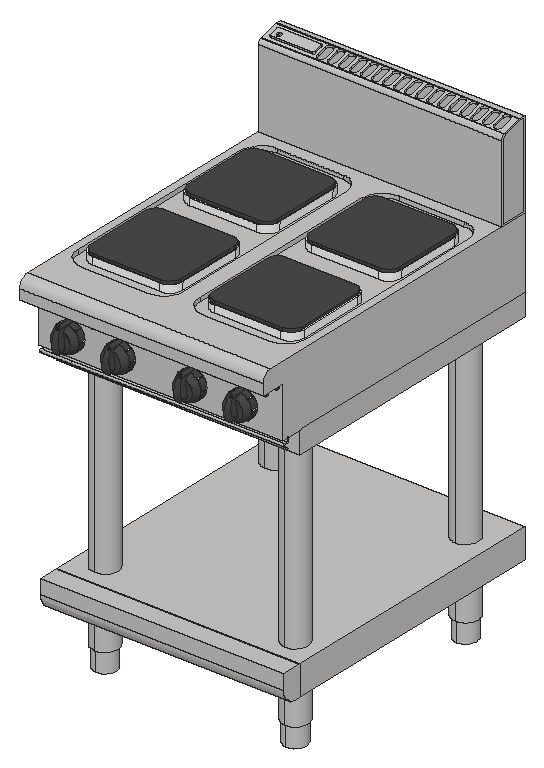
Revit family "QF_Moffat_RN8400SE-LS_Electric_Cooktops_Sealed_Hobs_cat", category Specialty Equipment, Revit 2019 (continued)
Definition of nested family "High and Low Option"
  Definition of nested family "QF_LOGO_Waldorf1"
    Forms (mm)
      Extrusion 1, solid
        sketch origin (0, -12.9, 9.899) x (1, 0, 0) y (0, 0.965926, 0.258819)
          loop
            line (109, 3.464) -> (109, 23.247)
            spline (109, 23.247) -> (108.966, 23.699) -> (108.864, 24.143) -> (108.696, 24.572) -> (108.464, 24.979) -> (108.173, 25.355) -> (107.828, 25.696) -> (107.435, 25.995) -> (107, 26.247) -> (106.531, 26.447) -> (106.035, 26.593) -> (105.522, 26.681) -> (105, 26.711)
            line (105, 26.711) -> (4, 26.711)
            spline (4, 26.711) -> (3.478, 26.681) -> (2.965, 26.593) -> (2.469, 26.447) -> (2, 26.247) -> (1.565, 25.995) -> (1.172, 25.696) -> (0.827, 25.355) -> (0.536, 24.979) -> (0.304, 24.572) -> (0.136, 24.143) -> (0.034, 23.699) -> (0, 23.247)
            line (0, 23.247) -> (0, 3.464)
            spline (0, 3.464) -> (0.034, 3.012) -> (0.136, 2.568) -> (0.304, 2.138) -> (0.536, 1.732) -> (0.827, 1.355) -> (1.172, 1.015) -> (1.565, 0.716) -> (2, 0.464) -> (2.469, 0.264) -> (2.965, 0.118) -> (3.478, 0.03) -> (4, 0)
            line (4, 0) -> (105, 0)
            spline (105, 0) -> (105.522, 0.03) -> (106.035, 0.118) -> (106.531, 0.264) -> (107, 0.464) -> (107.435, 0.716) -> (107.828, 1.015) -> (108.173, 1.355) -> (108.464, 1.732) -> (108.696, 2.138) -> (108.864, 2.568) -> (108.966, 3.012) -> (109, 3.464)
          loop
            line (14.75, 7.005) -> (14.75, 15.654)
            arc (14.75, 15.654) -> (10.425, 11.329) -> (14.75, 7.005) r 4.325
          loop
            line (15.25, 15.654) -> (15.25, 7.005)
            arc (15.25, 7.005) -> (19.575, 11.329) -> (15.25, 15.654) r 4.325
        from 0 to 3.2
      Extrusion 2, solid
        sketch origin (0, -12.9, 9.899) x (1, 0, 0) y (0, 0.965926, 0.258819)
          loop
            line (15.25, 15.654) -> (15.25, 7.005)
            arc (15.25, 7.005) -> (19.575, 11.329) -> (15.25, 15.654) r 4.325
        from 0 to 3.2
      Extrusion 3, solid
        sketch origin (16.271, -12.9, 9.899) x (-1, 0, 0) y (0, -0.965926, -0.258819)
          loop
            arc (1.521, -15.654) -> (5.846, -11.329) -> (1.521, -7.005) r 4.325
            line (1.521, -7.005) -> (1.521, -15.654)
        from 0 to 3.2
    Lines and regions (mm)
      Split face 1
        outline origin (0, -13.729, 12.99) x (1, 0, 0) y (0, 0.965926, 0.258819)
          loop
            spline (22.129, 16.975) -> (22.389, 15.984) -> (22.649, 15.002) -> (22.91, 14.028) -> (23.172, 13.065) -> (23.433, 12.11) -> (23.695, 11.166) -> (23.956, 10.232) -> (24.218, 9.308) -> (24.479, 8.396) -> (24.74, 7.495) -> (25, 6.605) -> (25.26, 5.728)
            line (25.26, 5.728) -> (29.463, 5.728)
            spline (29.463, 5.728) -> (29.582, 6.252) -> (29.701, 6.78) -> (29.82, 7.313) -> (29.939, 7.85) -> (30.058, 8.391) -> (30.178, 8.936) -> (30.297, 9.485) -> (30.416, 10.038) -> (30.536, 10.594) -> (30.655, 11.155) -> (30.775, 11.719) -> (30.894, 12.287)
            spline (30.894, 12.287) -> (31.018, 11.719) -> (31.142, 11.155) -> (31.266, 10.594) -> (31.39, 10.038) -> (31.514, 9.485) -> (31.638, 8.936) -> (31.762, 8.391) -> (31.885, 7.85) -> (32.009, 7.313) -> (32.133, 6.78) -> (32.256, 6.252) -> (32.379, 5.728)
            line (32.379, 5.728) -> (36.51, 5.728)
            spline (36.51, 5.728) -> (36.766, 6.605) -> (37.023, 7.495) -> (37.28, 8.396) -> (37.538, 9.308) -> (37.795, 10.232) -> (38.053, 11.166) -> (38.311, 12.11) -> (38.569, 13.065) -> (38.826, 14.028) -> (39.083, 15.002) -> (39.34, 15.984) -> (39.597, 16.975)
            line (39.597, 16.975) -> (35.637, 16.975)
            spline (35.637, 16.975) -> (35.523, 16.334) -> (35.41, 15.697) -> (35.296, 15.063) -> (35.182, 14.433) -> (35.068, 13.807) -> (34.954, 13.185) -> (34.84, 12.566) -> (34.726, 11.952) -> (34.612, 11.342) -> (34.497, 10.737) -> (34.383, 10.135) -> (34.269, 9.538)
            spline (34.269, 9.538) -> (34.138, 10.135) -> (34.008, 10.737) -> (33.877, 11.342) -> (33.746, 11.952) -> (33.616, 12.566) -> (33.485, 13.185) -> (33.354, 13.807) -> (33.224, 14.433) -> (33.093, 15.063) -> (32.963, 15.697) -> (32.833, 16.334) -> (32.703, 16.975)
            line (32.703, 16.975) -> (29.247, 16.975)
            spline (29.247, 16.975) -> (29.111, 16.334) -> (28.974, 15.697) -> (28.837, 15.063) -> (28.7, 14.433) -> (28.562, 13.807) -> (28.425, 13.185) -> (28.288, 12.566) -> (28.15, 11.952) -> (28.013, 11.342) -> (27.875, 10.737) -> (27.738, 10.135) -> (27.6, 9.538)
            spline (27.6, 9.538) -> (27.483, 10.135) -> (27.366, 10.737) -> (27.249, 11.342) -> (27.132, 11.952) -> (27.015, 12.566) -> (26.897, 13.185) -> (26.78, 13.807) -> (26.663, 14.433) -> (26.546, 15.063) -> (26.43, 15.697) -> (26.313, 16.334) -> (26.196, 16.975)
            line (26.196, 16.975) -> (22.129, 16.975)
      Split face 2
        outline origin (0, -13.729, 12.99) x (1, 0, 0) y (0, 0.965926, 0.258819)
          loop
            line (51.449, 5.728) -> (51.035, 6.606) -> (51.035, 11.169)
            spline (51.035, 11.169) -> (50.686, 12.42) -> (50.176, 13.224) -> (49.51, 13.708) -> (48.693, 13.995) -> (47.747, 14.152) -> (46.698, 14.207) -> (45.579, 14.186) -> (44.419, 14.114) -> (43.279, 13.929) -> (42.249, 13.481) -> (41.424, 12.614) -> (40.897, 11.169)
            line (40.897, 11.169) -> (44.617, 11.169) -> (44.988, 11.965)
            spline (44.988, 11.965) -> (47.294, 11.682) -> (46.856, 10.932) -> (45.527, 10.609) -> (43.858, 10.439) -> (42.259, 10.123) -> (41.078, 9.417) -> (40.563, 8.246) -> (40.689, 6.989) -> (41.407, 6.052) -> (42.774, 5.536) -> (44.847, 5.497) -> (47.306, 6.602)
            line (47.306, 6.602) -> (47.624, 5.728) -> (51.449, 5.728)
      Split face 3
        outline origin (0, -13.729, 12.99) x (1, 0, 0) y (0, 0.965926, 0.258819)
          loop
            line (47.264, 9.264) -> (44.938, 8.597)
            spline (44.938, 8.597) -> (44.508, 8.228) -> (44.402, 7.9) -> (44.548, 7.626) -> (44.877, 7.42) -> (45.317, 7.295) -> (45.797, 7.265) -> (46.252, 7.342) -> (46.65, 7.525) -> (46.971, 7.813) -> (47.194, 8.201) -> (47.298, 8.685) -> (47.264, 9.264)
      Split face 4
        outline origin (0, -13.729, 12.99) x (1, 0, 0) y (0, 0.965926, 0.258819)
          loop
            line (53.33, 16.975) -> (53.33, 5.728) -> (57.173, 5.728) -> (57.173, 16.975) -> (53.33, 16.975)
      Split face 5
        outline origin (0, -13.729, 12.99) x (1, 0, 0) y (0, 0.965926, 0.258819)
          loop
            line (65.795, 16.975) -> (65.795, 12.976)
            spline (65.795, 12.976) -> (63.839, 14.082) -> (62.087, 14.096) -> (60.633, 13.343) -> (59.574, 12.148) -> (58.99, 10.806) -> (58.867, 9.452) -> (59.156, 8.159) -> (59.81, 7) -> (60.786, 6.056) -> (62.111, 5.514) -> (63.868, 5.634) -> (66.137, 6.679)
            line (66.137, 6.679) -> (66.137, 5.728) -> (69.511, 5.728) -> (69.511, 16.975) -> (65.795, 16.975)
      Split face 6
        outline origin (0, -13.729, 12.99) x (1, 0, 0) y (0, 0.965926, 0.258819)
          loop
            spline (64.273, 7.499) -> (64.754, 7.57) -> (65.202, 7.777) -> (65.587, 8.106) -> (65.882, 8.535) -> (66.067, 9.034) -> (66.131, 9.57) -> (66.067, 10.106) -> (65.882, 10.605) -> (65.587, 11.034) -> (65.202, 11.363) -> (64.754, 11.57) -> (64.273, 11.64)
            spline (64.273, 11.64) -> (63.793, 11.57) -> (63.345, 11.363) -> (62.96, 11.034) -> (62.665, 10.605) -> (62.479, 10.106) -> (62.416, 9.57) -> (62.479, 9.034) -> (62.665, 8.535) -> (62.96, 8.106) -> (63.345, 7.777) -> (63.793, 7.57) -> (64.273, 7.499)
      Split face 7
        outline origin (0, -13.729, 12.99) x (1, 0, 0) y (0, 0.965926, 0.258819)
          loop
            spline (76.449, 5.305) -> (77.855, 5.457) -> (79.166, 5.901) -> (80.291, 6.607) -> (81.155, 7.527) -> (81.698, 8.599) -> (81.883, 9.749) -> (81.698, 10.899) -> (81.155, 11.97) -> (80.291, 12.891) -> (79.166, 13.597) -> (77.855, 14.041) -> (76.449, 14.192)
            spline (76.449, 14.192) -> (75.042, 14.041) -> (73.731, 13.597) -> (72.606, 12.891) -> (71.742, 11.97) -> (71.199, 10.899) -> (71.014, 9.749) -> (71.199, 8.599) -> (71.742, 7.527) -> (72.606, 6.607) -> (73.731, 5.901) -> (75.042, 5.457) -> (76.449, 5.305)
      Split face 8
        outline origin (0, -13.729, 12.99) x (1, 0, 0) y (0, 0.965926, 0.258819)
          loop
            spline (76.449, 7.654) -> (76.841, 7.725) -> (77.206, 7.934) -> (77.52, 8.267) -> (77.76, 8.701) -> (77.912, 9.206) -> (77.963, 9.749) -> (77.912, 10.291) -> (77.76, 10.796) -> (77.52, 11.23) -> (77.206, 11.563) -> (76.841, 11.772) -> (76.449, 11.843)
            spline (76.449, 11.843) -> (76.057, 11.772) -> (75.691, 11.563) -> (75.378, 11.23) -> (75.137, 10.796) -> (74.986, 10.291) -> (74.934, 9.749) -> (74.986, 9.206) -> (75.137, 8.701) -> (75.378, 8.267) -> (75.691, 7.934) -> (76.057, 7.725) -> (76.449, 7.654)
      Split face 9
        outline origin (0, -13.729, 12.99) x (1, 0, 0) y (0, 0.965926, 0.258819)
          loop
            line (86.998, 12.335) -> (86.998, 13.879) -> (83.479, 13.879) -> (83.479, 5.728) -> (87.312, 5.728) -> (87.312, 8.975)
            spline (87.312, 8.975) -> (87.364, 9.356) -> (87.458, 9.686) -> (87.594, 9.968) -> (87.769, 10.204) -> (87.982, 10.398) -> (88.229, 10.55) -> (88.509, 10.666) -> (88.82, 10.746) -> (89.16, 10.794) -> (89.525, 10.812) -> (89.915, 10.803) -> (90.327, 10.77)
            line (90.327, 10.77) -> (90.327, 14.113)
            spline (90.327, 14.113) -> (89.929, 14.127) -> (89.552, 14.111) -> (89.197, 14.066) -> (88.865, 13.991) -> (88.554, 13.887) -> (88.266, 13.754) -> (87.999, 13.591) -> (87.755, 13.399) -> (87.532, 13.177) -> (87.332, 12.926) -> (87.154, 12.645) -> (86.998, 12.335)
      Split face 10
        outline origin (0, -13.729, 12.99) x (1, 0, 0) y (0, 0.965926, 0.258819)
          loop
            line (92.082, 13.879) -> (90.894, 13.879) -> (90.894, 11.972) -> (92.082, 11.972) -> (92.082, 5.728) -> (95.871, 5.728) -> (95.871, 11.972) -> (97.5, 11.972) -> (97.5, 13.879) -> (95.871, 13.879)
            spline (95.871, 13.879) -> (95.843, 14.088) -> (95.845, 14.278) -> (95.877, 14.447) -> (95.939, 14.596) -> (96.03, 14.726) -> (96.151, 14.835) -> (96.301, 14.925) -> (96.482, 14.995) -> (96.692, 15.045) -> (96.931, 15.075) -> (97.201, 15.085) -> (97.5, 15.076)
            line (97.5, 15.076) -> (97.5, 17.266) -> (95.367, 17.266)
            spline (95.367, 17.266) -> (94.982, 17.253) -> (94.58, 17.21) -> (94.174, 17.132) -> (93.774, 17.013) -> (93.39, 16.846) -> (93.034, 16.627) -> (92.717, 16.349) -> (92.448, 16.007) -> (92.24, 15.595) -> (92.102, 15.106) -> (92.046, 14.537) -> (92.082, 13.879)
    Dimensions and locks
      equal spacing: plane 3 "LEFT", plane 7 "Center Y", plane 4 "RIGHT"
      "Length": plane 3 "LEFT" to plane 4 "RIGHT"
      equal spacing: plane 5 "FRONT", plane 8 "Center X", plane 1 "BACK"
      "Depth": plane 5 "FRONT" to plane 1 "BACK"
      "Height": plane 6 "TOP" to level
      plane 4 "RIGHT" to plane 3 "LEFT" = 138 mm
      aligned and locked: level to plane 2
    Automatic sketch dimensions
      Extrusion 1 sketch curve to plane 3 "LEFT" = 0 mm
      plane 3 "LEFT" to Extrusion 1 sketch curve = 4 mm  (x2)
      Extrusion 1 sketch curve to Extrusion 1 sketch curve = 10.75 mm
      Extrusion 1 sketch curve to Extrusion 1 sketch curve = 0.5 mm
      plane 4 "RIGHT" to Extrusion 1 sketch curve = 33 mm
      Extrusion 1 sketch curve to Extrusion 1 sketch curve = 0 mm  (x3)
      Extrusion 1 sketch curve to Extrusion 1 sketch curve = 4 mm
      Extrusion 1 sketch curve to Extrusion 1 sketch curve = 3.464 mm  (x3)
      Extrusion 1 sketch curve to Extrusion 1 sketch curve = 3.541 mm
      Extrusion 1 sketch curve to Extrusion 1 sketch curve = 4.325 mm
      Extrusion 1 sketch curve to Extrusion 1 sketch curve = 19.783 mm
      Extrusion 1 sketch curve to Extrusion 1 sketch curve = 7.592 mm
      plane 3 "LEFT" to Extrusion 2 sketch curve = 15.25 mm
      Extrusion 2 sketch curve to Extrusion 2 sketch curve = 4.325 mm
      plane 3 "LEFT" to Extrusion 3 sketch curve = 14.75 mm
      Extrusion 3 sketch curve to Extrusion 3 sketch curve = 4.325 mm
      Extrusion 1 to Split face 1 sketch curve = 6.879 mm
      Split face 1 sketch curve to Extrusion 1 = 5.728 mm
      Split face 1 sketch curve to Split face 1 sketch curve = 3.132 mm
      Split face 1 sketch curve to Split face 1 sketch curve = 4.068 mm
      Split face 1 sketch curve to Split face 1 sketch curve = 3.051 mm
      Split face 1 sketch curve to Split face 1 sketch curve = 4.203 mm
      Split face 1 sketch curve to Split face 1 sketch curve = 2.916 mm
      Split face 1 sketch curve to Split face 1 sketch curve = 3.456 mm
      Split face 1 sketch curve to Split face 1 sketch curve = 2.934 mm
      Split face 1 sketch curve to Split face 1 sketch curve = 4.131 mm
      Split face 1 sketch curve to Split face 1 sketch curve = 3.96 mm
      Split face 1 sketch curve to Split face 1 sketch curve = 0 mm  (x2)
      Split face 1 sketch curve to Extrusion 1 = 9.736 mm  (x2)
      Extrusion 1 to Split face 1 sketch curve = 6.337 mm
      Extrusion 1 to Split face 1 sketch curve = 6.231 mm
      Extrusion 1 to Split face 1 sketch curve = 3.184 mm
      Extrusion 1 to Split face 1 sketch curve = 13.135 mm
      Split face 1 sketch curve to Split face 1 sketch curve = 4.652 mm
      Split face 1 sketch curve to Split face 1 sketch curve = 3.593 mm
      Split face 1 sketch curve to Split face 1 sketch curve = 1.863 mm
      Split face 1 sketch curve to Split face 1 sketch curve = 0.713 mm
      Split face 1 sketch curve to Split face 1 sketch curve = 2.684 mm
      Split face 1 sketch curve to Split face 1 sketch curve = 3.294 mm
      Split face 1 sketch curve to Split face 1 sketch curve = 0.459 mm
      Split face 1 sketch curve to Split face 1 sketch curve = 2.775 mm
      Split face 1 sketch curve to Split face 1 sketch curve = 1.89 mm
      Split face 1 sketch curve to Split face 1 sketch curve = 0.685 mm
      Split face 1 sketch curve to Split face 1 sketch curve = 9.486 mm
      Split face 1 sketch curve to Split face 1 sketch curve = 16.213 mm
      Split face 1 sketch curve to Split face 1 sketch curve = 3.48 mm
      Split face 1 sketch curve to Split face 1 sketch curve = 4.918 mm
      Split face 1 sketch curve to Split face 1 sketch curve = 7.609 mm
      Split face 1 sketch curve to Split face 1 sketch curve = 0.01 mm  (x2)
      Split face 1 sketch curve to Split face 1 sketch curve = 0.002 mm
      Split face 2 sketch curve to Extrusion 1 = 11.169 mm
      Extrusion 1 to Split face 2 sketch curve = 25.647 mm
      Split face 2 sketch curve to Split face 2 sketch curve = 3.72 mm
      Split face 2 sketch curve to Extrusion 1 = 11.965 mm
      Split face 2 sketch curve to Split face 2 sketch curve = 0.371 mm
      Split face 2 sketch curve to Extrusion 1 = 6.602 mm
      Split face 2 sketch curve to Split face 2 sketch curve = 2.689 mm
      Split face 2 sketch curve to Split face 2 sketch curve = 0.318 mm
      Split face 2 sketch curve to Split face 2 sketch curve = 3.729 mm
      Split face 2 sketch curve to Split face 2 sketch curve = 0.414 mm
      Split face 2 sketch curve to Split face 2 sketch curve = 0.875 mm
      Split face 2 sketch curve to Split face 2 sketch curve = 0.878 mm
      Split face 3 sketch curve to Extrusion 1 = 8.597 mm
      Extrusion 1 to Split face 3 sketch curve = 29.688 mm
      Split face 3 sketch curve to Extrusion 1 = 9.264 mm
      Split face 3 sketch curve to Split face 3 sketch curve = 2.326 mm
      Split face 4 sketch curve to Extrusion 1 = 5.728 mm
      Extrusion 1 to Split face 4 sketch curve = 38.08 mm
      Split face 4 sketch curve to Split face 4 sketch curve = 3.843 mm
      Split face 4 sketch curve to Extrusion 1 = 9.736 mm
      Split face 5 sketch curve to Extrusion 1 = 9.736 mm
      Split face 5 sketch curve to Extrusion 1 = 43.205 mm
      Split face 5 sketch curve to Extrusion 1 = 6.679 mm
      Split face 5 sketch curve to Split face 5 sketch curve = 0.342 mm
      Split face 5 sketch curve to Split face 5 sketch curve = 3.375 mm
      Split face 5 sketch curve to Split face 5 sketch curve = 0.952 mm
      Split face 5 sketch curve to Split face 5 sketch curve = 3.998 mm
      Split face 6 sketch curve to Extrusion 1 = 7.499 mm
      Split face 6 sketch curve to Extrusion 1 = 44.727 mm
      Split face 6 sketch curve to Split face 6 sketch curve = 2.07 mm
      Split face 7 sketch curve to Extrusion 1 = 5.305 mm
      Split face 7 sketch curve to Extrusion 1 = 32.551 mm
      Split face 7 sketch curve to Split face 7 sketch curve = 4.443 mm
      Split face 8 sketch curve to Extrusion 1 = 7.654 mm
      Split face 8 sketch curve to Extrusion 1 = 32.551 mm
      Split face 8 sketch curve to Split face 8 sketch curve = 2.095 mm
      Split face 9 sketch curve to Extrusion 1 = 5.728 mm
      Split face 9 sketch curve to Extrusion 1 = 25.521 mm
      Split face 9 sketch curve to Split face 9 sketch curve = 3.519 mm
      Split face 9 sketch curve to Split face 9 sketch curve = 0.315 mm
      Split face 9 sketch curve to Split face 9 sketch curve = 3.33 mm
      Split face 9 sketch curve to Split face 9 sketch curve = 3.248 mm
      Split face 9 sketch curve to Split face 9 sketch curve = 1.795 mm
      Split face 9 sketch curve to Split face 9 sketch curve = 3.36 mm
      Split face 9 sketch curve to Split face 9 sketch curve = 1.545 mm
      Split face 9 sketch curve to Split face 9 sketch curve = 0.233 mm
      Split face 10 sketch curve to Extrusion 1 = 18.106 mm
      Split face 10 sketch curve to Split face 10 sketch curve = 1.188 mm  (x2)
      Split face 10 sketch curve to Split face 10 sketch curve = 3.285 mm
      Split face 10 sketch curve to Split face 10 sketch curve = 3.789 mm
      Split face 10 sketch curve to Split face 10 sketch curve = 0 mm  (x2)
      Split face 10 sketch curve to Split face 10 sketch curve = 1.629 mm
      Split face 10 sketch curve to Split face 10 sketch curve = 2.133 mm
      Split face 10 sketch curve to Extrusion 1 = 5.728 mm
      Split face 10 sketch curve to Split face 10 sketch curve = 6.245 mm
      Split face 10 sketch curve to Split face 10 sketch curve = 1.907 mm  (x2)
      Split face 10 sketch curve to Split face 10 sketch curve = 1.197 mm
      Split face 10 sketch curve to Split face 10 sketch curve = 2.19 mm
